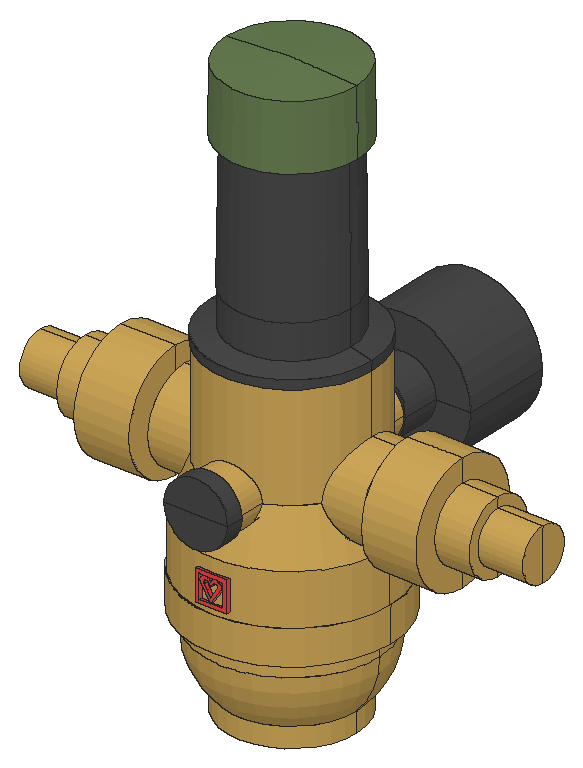
Revit family "HERZ Diaphragm Pressure Reducing Valve With Brass Cap 2682", category Rohrzubehör, Revit 2021
Family settings
  Bemaßung runder Anschluss = Durchmesser verwenden
  Teiletyp = Unterbricht
  OmniClass-Nummer = 23.65.55.14
  OmniClass-Titel = Valves for Liquid Services
  Arbeitsebenenbasiert = Nein
  Immer vertikal = Ja
  Beim Laden mit Abzugskörper schneiden = Nein
  Gemeinsam genutzt = Nein
Parameters (values of type "Manometer back")
  Vorgabe-Ansicht = 0.000 mm
  Part number [instance] = size_lookup("2682_M_", "Artnr", 0, Nennweite)  # 1268221
  Note = "Pursuant to Article 33 of the REACH Regulation (EC No. 1907/2006), we are obliged to point out that the material lead is listed on the SVHC list and that all brass components manufactured in our products exceed 0.1% (w / w) lead (CAS: 7439-92-1 / EINECS: 231-100-4).\r\nSince lead is a component part of an alloy, actual exposure is not possible and therefore no additional information on safe use is necessary."
  Max. operating temperature = 70 °C  # constant formula
  Factory settings = 300000.0 Pa  # constant formula
  W01 = 91.00°  # constant formula
  Vorne [instance] = no
  VRL03 [instance] = size_lookup("2682_M_", "VRL3", 1.000 mm, Nennweite)  # 23.500 mm
  VRL02 [instance] = size_lookup("2682_M_", "VRL2", 1.000 mm, Nennweite)  # 16.000 mm
  VRL01 [instance] = size_lookup("2682_M_", "VRL1", 1.000 mm, Nennweite)  # 73.500 mm
  VRD02 [instance] = size_lookup("2682_M_", "VRD2", 1.000 mm, Nennweite)  # 17.000 mm
  VRD01 [instance] = size_lookup("2682_M_", "VRD1", 1.000 mm, Nennweite)  # 10.500 mm
  VRAG [instance] = Nennweite / 2  # 7.500 mm
  URL = "www.herzvalves.com"
  Standard = "EN 1567"  # constant formula
  Spring = "spring steel"  # constant formula
  SC_NennweiteBerechnet = 0
  SC_Dimension = ""
  SCTWSEQ = "AW;SBT_TYP_AW=\"111\";2"
  SCTWCODE = "04;24;02"  # constant formula
  S02 = 10.000 mm  # constant formula
  S01 [instance] = VRD02 * 2  # 34.000 mm
  R07 [instance] = R05 + 0.800 mm  # 9.300 mm
  R06 = 19.500 mm  # constant formula
  R05 [instance] = size_lookup("2682_M_", "R5", 1.000 mm, Nennweite)  # 8.500 mm
  R04 [instance] = size_lookup("2682_M_", "R4", 1.000 mm, Nennweite)  # 18.900 mm
  R03 [instance] = size_lookup("2682_M_", "R3", 1.000 mm, Nennweite)  # 19.250 mm
  R02 [instance] = size_lookup("2682_M_", "R2", 1.000 mm, Nennweite)  # 28.750 mm
  R01 [instance] = size_lookup("2682_M_", "R1", 1.000 mm, Nennweite)  # 23.250 mm
  Upper part = "PA6.6"  # constant formula
  Nennweite [instance] = 15.000 mm
  Handle = "PA 6.6, green"  # constant formula
  Diaphragm = "EPDM"  # constant formula
  Medium = "water"  # constant formula
  Max. inlet pressure = 1600000.0 Pa  # constant formula
  Manometer scale = "0 - 10 bar"  # constant formula
  Pressure gauge connectors = "1/4\" F (ISO 228-1)"
  LO01 [instance] = H02 - 2.000 mm  # 27.000 mm
  L01 [instance] = size_lookup("2682_M_", "L1", 1.000 mm, Nennweite)  # 10.600 mm
  L00 [instance] = size_lookup("2682_M_", "L", 1.000 mm, Nennweite)  # 84.000 mm
  Bottom cover = "brass CW626N"  # constant formula
  Hinten [instance] = yes
  Hersteller = "HERZ Armaturen Ges.m.b.H."  # constant formula
  H12 [instance] = size_lookup("2682_M_", "H12", 1.000 mm, Nennweite)  # 5.800 mm
  H11 [instance] = size_lookup("2682_M_", "H11", 1.000 mm, Nennweite)  # 10.000 mm
  H10 [instance] = size_lookup("2682_M_", "H10", 1.000 mm, Nennweite)  # 37.000 mm
  H09 [instance] = H01 + H04 - H05  # 84.500 mm
  H08 [instance] = size_lookup("2682_M_", "H8", 1.000 mm, Nennweite)  # 20.000 mm
  H07 [instance] = size_lookup("2682_M_", "H7", 1.000 mm, Nennweite)  # 10.000 mm
  H06 [instance] = size_lookup("2682_M_", "H6", 1.000 mm, Nennweite)  # 2.500 mm
  H05 [instance] = size_lookup("2682_M_", "H5", 1.000 mm, Nennweite)  # 4.700 mm
  H04 [instance] = size_lookup("2682_M_", "H4", 1.000 mm, Nennweite)  # 58.700 mm
  H03 [instance] = D02 + 1.000 mm  # 14.220 mm
  H02 [instance] = size_lookup("2682_M_", "H2", 1.000 mm, Nennweite)  # 29.000 mm
  H01 [instance] = size_lookup("2682_M_", "H1", 1.000 mm, Nennweite)  # 30.500 mm
  GT1 [instance] = size_lookup("2682_M_", "GT1", 1.000 mm, Nennweite)  # 12.000 mm
  GT [instance] = size_lookup("2682_M_", "GT", 1.000 mm, Nennweite)  # 13.200 mm
  Filter = "stainless steel, mesh size 0.3 mm"  # constant formula
  Spring guide = "stainless steel"  # constant formula
  Outlet pressure range = "1.5 - 6 bar"  # constant formula
  Sealing = "EPDM"  # constant formula
  D09 [instance] = size_lookup("2682_M_", "D9", 1.000 mm, Nennweite)  # 19.000 mm
  D08 [instance] = size_lookup("2682_M_", "D8", 1.000 mm, Nennweite)  # 25.800 mm
  D07 [instance] = size_lookup("2682_M_", "D7", 1.000 mm, Nennweite)  # 29.000 mm
  D06 [instance] = size_lookup("2682_M_", "D6", 1.000 mm, Nennweite)  # 16.000 mm
  D05 [instance] = size_lookup("2682_M_", "D5", 1.000 mm, Nennweite)  # 16.800 mm
  D04 [instance] = size_lookup("2682_M_", "D4", 1.000 mm, Nennweite)  # 17.300 mm
  D03 [instance] = size_lookup("2682_M_", "D3", 1.000 mm, Nennweite)  # 23.500 mm
  D02 [instance] = size_lookup("2682_M_", "D2", 1.000 mm, Nennweite)  # 13.220 mm
  D01 [instance] = size_lookup("2682_M_", "D1", 1.000 mm, Nennweite)  # 9.525 mm
  Body = "forged brass acc. to EN 12165; CW626N"  # constant formula
  B03 = 5.000 mm  # constant formula
  B02 = 26.000 mm  # constant formula
  B01 [instance] = size_lookup("2682_M_", "B1", 1.000 mm, Nennweite)  # 30.000 mm
  B00 [instance] = size_lookup("2682_M_", "B", 1.000 mm, Nennweite)  # 67.000 mm
  External thread = "acc. to ISO 7-1 and ISO228"  # constant formula
  Application = "The pressure reducing valve protects installations against over pressure (reduces input pressure to a working level).\r\nIt can also be used in heating systems to protect boiler against increased pressure.\r\nThe outlet pressure is adjustable and does not vary with changes of the inlet pressure.\r\nThe outlet pressure can be adjusted by turning the green handle.\r\nTurning the handle clockwise increases the outlet pressure.\r\nTurning above the stated values on the pressure reducer scale may damage the valve.\r\nWe recommend the max. outlet pressure of 4 bar for private house installations (product long life, costs,...).\r\nAfter each new setting of the outlet pressure, the regulated pipe has to be opened and closed."
Types (3, lengths in mm): name | Vorne | Hinten
  (no name) | no | yes
  Manometer front | yes | no
  Manometer back | no | yes
Reference planes
  plane 1 "Mitte (Vorne/hinten)": y = 0
  plane 2: z = 0
  plane 3 "Mitte (Links/rechts)": x = 0
Forms (mm)
  Revolve 1, solid, material "Messing, weicher Gelbton, geschweißt", detail levels fine
    sketch origin (0, 0, 0) x (1, 0, 0) y (0, 0, 1)
      loop
        line (-42, 0) -> (42, 0) -> (42, 9.525) -> (31.4, 9.525) -> (31.4, 13.22) -> (-31.4, 13.22) -> (-31.4, 9.525) -> (-42, 9.525) -> (-42, 0)
      axis (-42, 0) -> (42, 0)
    angle from 0 to 360
  Revolve 2, solid, material "Messing, weicher Gelbton, geschweißt", detail levels fine
    sketch origin (0, 0, 0) x (1, 0, 0) y (0, 0, 1)
      loop
        line (0, -29) -> (28.75, -29) -> (28.75, -14.22) -> (23.25, 0) -> (23.25, 30.5) -> (0, 30.5) -> (0, -29)
      axis (0, 30.5) -> (0, -29)
    angle from 0 to 360
  Revolve 3, solid, material "Acetalharz, Schwarz", detail levels fine
    sketch origin (0, 0, 0) x (1, 0, 0) y (0, 0, 1)
      loop
        line (0, 30.5) -> (0, 89.2) -> (-16, 89.2) -> (-16, 84.5) -> (-16.8, 84.5) -> (-17.3, 44.5) -> (-17.3, 34.5) -> (-23.5, 33) -> (-23.5, 30.5) -> (0, 30.5)
      axis (0, 89.2) -> (0, 30.5)
    angle from 0 to 360
  Revolve 4, solid, material "Kunststoff GRÜN", detail levels fine
    sketch origin (0, 0, 0) x (1, 0, 0) y (0, 0, 1)
      loop
        line (0, 84.5) -> (19.25, 84.5) -> (18.9, 103.392)
        arc (18.9, 103.392) -> (9.466, 104.223) -> (0, 104.5) r 161.794
        line (0, 104.5) -> (0, 84.5)
      axis (0, 104.5) -> (0, 84.5)
    angle from 0 to 360
  Revolve 5, solid, material "Messing, weicher Gelbton, geschweißt", detail levels fine
    sketch origin (0, 0, 0) x (1, 0, 0) y (0, 0, 1)
      loop
        line (0, -29) -> (0, -66) -> (19, -66) -> (19, -60.2)
        arc (19, -60.2) -> (24.034, -52.577) -> (25.8, -43.615) r 23.626
        line (25.8, -43.615) -> (25.8, -39) -> (29, -39) -> (29, -29) -> (0, -29)
      axis (0, -29) -> (0, -66)
    angle from 0 to 360
  Revolve 6, solid, material "Messing, weicher Gelbton, geschweißt", detail levels fine
    sketch origin (0, 0, 0) x (1, 0, 0) y (0, 0, 1)
      loop
        line (34, 9.525) -> (46, 9.525) -> (46, 0) -> (73.5, 0) -> (73.5, 7.5) -> (60.3, 7.5) -> (60.3, 10.5) -> (50, 10.5) -> (50, 17) -> (34, 17) -> (34, 9.525)
      loop
        line (-34, 9.525) -> (-34, 17) -> (-50, 17) -> (-50, 10.5) -> (-60.3, 10.5) -> (-60.3, 7.5) -> (-73.5, 7.5) -> (-73.5, 0) -> (-46, 0) -> (-46, 9.525) -> (-34, 9.525)
      axis (-73.5, 0) -> (73.5, 0)
    angle from 0 to 360
  Revolve 7, solid, material "Messing, weicher Gelbton, geschweißt", detail levels fine
    sketch origin (0, 0, 0) x (1, 0, 0) y (0, 1, 0)
      loop
        line (0, 30) -> (0, -30) -> (8.5, -30) -> (8.5, 30) -> (0, 30)
      axis (0, 30) -> (0, -30)
    angle from 0 to 360
  Revolve 8, solid, material "Acetalharz, Schwarz", visible <- "Vorne", detail levels fine
    sketch origin (0, 0, 0) x (1, 0, 0) y (0, 1, 0)
      loop
        line (0, -30) -> (0, -65) -> (17.5, -65) -> (17.5, -67) -> (19.5, -67) -> (19.5, -41) -> (9.3, -41) -> (9.3, -30) -> (0, -30)
      axis (0, -30) -> (0, -67)
    angle from 0 to 360
  Revolve 9, solid, material "Acetalharz, Schwarz", visible <- "Vorne", detail levels fine
    sketch origin (0, 0, 0) x (1, 0, 0) y (0, 1, 0)
      loop
        line (0, 30) -> (9.3, 30) -> (9.3, 35) -> (0, 35) -> (0, 30)
      axis (0, 35) -> (0, 30)
    angle from 0 to 360
  Revolve 10, solid, material "Acetalharz, Schwarz", visible <- "Hinten", detail levels fine
    sketch origin (0, 0, 0) x (1, 0, 0) y (0, -1, 0)
      loop
        line (0, 30) -> (9.3, 30) -> (9.3, 35) -> (0, 35) -> (0, 30)
      axis (0, 35) -> (0, 30)
    angle from 0 to 360
  Revolve 11, solid, material "Acetalharz, Weiß", visible <- "Vorne", detail levels fine
    sketch origin (0, 0, 0) x (1, 0, 0) y (0, 1, 0)
      loop
        line (0, -65) -> (0, -66.5) -> (17.5, -66.5) -> (17.5, -65) -> (0, -65)
      axis (0, -65) -> (0, -66.5)
    angle from 0 to 360
  Revolve 12, solid, material "Acetalharz, Schwarz", visible <- "Hinten", detail levels fine
    sketch origin (0, 0, 0) x (1, 0, 0) y (0, -1, 0)
      loop
        line (0, -30) -> (0, -65) -> (17.5, -65) -> (17.5, -67) -> (19.5, -67) -> (19.5, -41) -> (9.3, -41) -> (9.3, -30) -> (0, -30)
      axis (0, -30) -> (0, -67)
    angle from 0 to 360
  Revolve 13, solid, material "Acetalharz, Weiß", visible <- "Hinten", detail levels fine
    sketch origin (0, 0, 0) x (1, 0, 0) y (0, -1, 0)
      loop
        line (0, -65) -> (0, -66.5) -> (17.5, -66.5) -> (17.5, -65) -> (0, -65)
      axis (0, -65) -> (0, -66.5)
    angle from 0 to 360
Lines and regions (mm)
  model lines, detail levels coarse+medium
    curve 1: line (-42, 0, -17) -> (-42, 0, 17)
    curve 2: line (-42, 0, 17) -> (42, 0, -34)
    curve 3: line (42, 0, -34) -> (42, 0, 34)
    curve 4: line (42, 0, 34) -> (-42, 0, -17)
    curve 5: line (-42, 0, 17) -> (-52, 0, 17)
    curve 6: line (-52, 0, 17) -> (-42, 0, 0)
    curve 7: line (-42, 0, -17) -> (-52, 0, -17)
    curve 8: line (-52, 0, -17) -> (-42, 0, 0)
    curve 9: line (-42, 0, 0) -> (-73.5, 0, 0)
    curve 10: line (42, 0, 17) -> (52, 0, 17)
    curve 11: line (52, 0, 17) -> (42, 0, 0)
    curve 12: line (42, 0, -17) -> (52, 0, -17)
    curve 13: line (52, 0, -17) -> (42, 0, 0)
    curve 14: line (42, 0, 0) -> (73.5, 0, 0)
    curve 15: line (-42, -17, 0) -> (-42, 17, 0)
    curve 16: line (-42, 17, 0) -> (42, -34, 0)
    curve 17: line (42, -34, 0) -> (42, 34, 0)
    curve 18: line (42, 34, 0) -> (-42, -17, 0)
    curve 19: line (-42, 17, 0) -> (-52, 17, 0)
    curve 20: line (-52, 17, 0) -> (-42, 0, 0)
    curve 21: line (-42, -17, 0) -> (-52, -17, 0)
    curve 22: line (-52, -17, 0) -> (-42, 0, 0)
    curve 23: line (42, 0, -17) -> (42, 0, 17)
    curve 24: line (42, 0, 17) -> (52, 0, 17)
    curve 25: line (52, 0, 17) -> (42, 0, 0)
    curve 26: line (42, 17, 0) -> (52, 17, 0)
    curve 27: line (52, 17, 0) -> (42, 0, 0)
    curve 28: line (42, -17, 0) -> (52, -17, 0)
    curve 29: line (52, -17, 0) -> (42, 0, 0)
Dimensions and locks
  equal spacing: Revolve 1 sketch curve, plane 3 "Mitte (Links/rechts)", Revolve 1 sketch curve
  "L00": Revolve 1 sketch curve to Revolve 1 sketch curve
  "L01": Revolve 1 sketch curve to Revolve 1 sketch curve  (x2)
  "D01": Revolve 1 sketch curve to Revolve 1 sketch curve  (x2)
  "D02": Revolve 1 sketch curve to plane 2
  "R01": Revolve 2 sketch curve to Revolve 2 sketch curve
  "R02": Revolve 2 sketch curve to Revolve 2 sketch curve
  "H01": Revolve 2 sketch curve to plane 2
  "H02": plane 2 to Revolve 2 sketch curve
  "H03": plane 2 to Revolve 2 sketch curve
  "H01": Revolve 3 sketch curve to plane 2
  "H04": Revolve 3 sketch curve to Revolve 3 sketch curve
  "H05": Revolve 3 sketch curve to Revolve 3 sketch curve
  "H06": Revolve 3 sketch curve to Revolve 3 sketch curve
  "H07": Revolve 3 sketch curve to Revolve 3 sketch curve
  "D03": Revolve 3 sketch curve to Revolve 3 sketch curve
  "D04": Revolve 3 sketch curve to Revolve 3 sketch curve
  "D05": Revolve 3 sketch curve to Revolve 3 sketch curve
  "D06": Revolve 3 sketch curve to Revolve 3 sketch curve
  "R03": Revolve 4 sketch curve to Revolve 4 sketch curve
  "H08": Revolve 4 sketch curve to Revolve 4 sketch curve
  "R04": Revolve 4 sketch curve to plane 3 "Mitte (Links/rechts)"
  "H09": Revolve 4 sketch curve to plane 2
  "H10": Revolve 5 sketch curve to Revolve 5 sketch curve
  "H02": plane 2 to Revolve 5 sketch curve
  "D07": Revolve 5 sketch curve to Revolve 5 sketch curve
  "H11": Revolve 5 sketch curve to Revolve 5 sketch curve
  "D08": Revolve 5 sketch curve to Revolve 5 sketch curve
  "H12": Revolve 5 sketch curve to Revolve 5 sketch curve
  "D09": Revolve 5 sketch curve to Revolve 5 sketch curve
  "VRL02": Revolve 6 sketch curve to Revolve 6 sketch curve  (x2)
  "VRL01": Revolve 6 sketch curve to plane 3 "Mitte (Links/rechts)"
  "GT": Revolve 6 sketch curve to Revolve 6 sketch curve  (x2)
  "VRL03": Revolve 6 sketch curve to Revolve 6 sketch curve  (x2)
  "D01": Revolve 6 sketch curve to plane 2  (x2)
  "GT1": Revolve 6 sketch curve to Revolve 6 sketch curve  (x2)
  "VRAG": Revolve 6 sketch curve to plane 2  (x2)
  "VRD01": Revolve 6 sketch curve to plane 2  (x2)
  "VRD02": Revolve 6 sketch curve to Revolve 6 sketch curve  (x2)
  "VRL01": plane 3 "Mitte (Links/rechts)" to Revolve 6 sketch curve
  "B01": Revolve 7 sketch curve to plane 1 "Mitte (Vorne/hinten)" to Revolve 7 sketch curve
  "R05": Revolve 7 sketch curve to Revolve 7 sketch curve
  "B00": Revolve 8 sketch curve to plane 1 "Mitte (Vorne/hinten)"
  "B01": plane 1 "Mitte (Vorne/hinten)" to Revolve 8 sketch curve
  "B02": Revolve 8 sketch curve to Revolve 8 sketch curve
  "R06": Revolve 8 sketch curve to Revolve 8 sketch curve
  "R07": Revolve 8 sketch curve to Revolve 8 sketch curve
  "R02": nested 1 to plane 1 "Mitte (Vorne/hinten)"
  "LO01": plane 2 to nested 1
  "VRD02": curve 2 to plane 2 to curve 4
  "S01": curve 4 to plane 2 to curve 3
  equal spacing: curve 3, plane 3 "Mitte (Links/rechts)", curve 1
  "L00": curve 3 to curve 1
  "S02": curve 1 to curve 6
  "S02": curve 1 to curve 8
  "VRL01": plane 3 "Mitte (Links/rechts)" to curve 9
  "S02": curve 11 to curve 3
  "S02": curve 13 to curve 3
  "VRL01": curve 14 to plane 3 "Mitte (Links/rechts)"
  "VRD02": curve 10 to plane 2 to curve 12
  equal spacing: curve 15, plane 3 "Mitte (Links/rechts)", curve 17
  "L00": curve 15 to curve 17
  "VRD02": curve 18 to plane 1 "Mitte (Vorne/hinten)" to curve 16
  "S01": curve 17 to plane 1 "Mitte (Vorne/hinten)" to curve 18
  "S02": curve 20 to curve 15
  "S02": curve 22 to curve 15
  "S02": curve 17 to curve 27
  "S02": curve 17 to curve 29
  "VRD02": curve 28 to plane 1 "Mitte (Vorne/hinten)" to curve 26
  "R07": Revolve 9 sketch curve to Revolve 9 sketch curve
  "B03": Revolve 9 sketch curve to Revolve 9 sketch curve
  "B01": plane 1 "Mitte (Vorne/hinten)" to Revolve 9 sketch curve
  "R07": Revolve 10 sketch curve to Revolve 10 sketch curve
  "B03": Revolve 10 sketch curve to Revolve 10 sketch curve
  "B01": Revolve 10 sketch curve to plane 1 "Mitte (Vorne/hinten)"
  "B02": Revolve 12 sketch curve to Revolve 12 sketch curve
  "R06": Revolve 12 sketch curve to Revolve 12 sketch curve
  "R07": Revolve 12 sketch curve to Revolve 12 sketch curve
  aligned and locked: level to plane 2
Automatic sketch dimensions
  Revolve 11 sketch curve to plane 3 "Mitte (Links/rechts)" = 0.000 mm  (x2)
  plane 3 "Mitte (Links/rechts)" to Revolve 11 sketch curve = 17.500 mm
  plane 1 "Mitte (Vorne/hinten)" to Revolve 11 sketch curve = 66.500 mm
  Revolve 11 sketch curve to Revolve 11 sketch curve = 1.500 mm
  Revolve 11 sketch curve to Revolve 11 sketch curve = 1933.500 mm
  Revolve 11 sketch curve to plane 1 "Mitte (Vorne/hinten)" = 2000.000 mm
  Revolve 13 sketch curve to plane 3 "Mitte (Links/rechts)" = 0.000 mm  (x2)
  Revolve 13 sketch curve to plane 3 "Mitte (Links/rechts)" = 17.500 mm
  plane 1 "Mitte (Vorne/hinten)" to Revolve 13 sketch curve = 66.500 mm
  Revolve 13 sketch curve to Revolve 13 sketch curve = 1.500 mm
  Revolve 13 sketch curve to Revolve 13 sketch curve = 1933.500 mm
  Revolve 13 sketch curve to plane 1 "Mitte (Vorne/hinten)" = 2000.000 mm
  curve 25 to level = 0.000 mm
  curve 14 to level = 0.000 mm
  curve 6 to level = 0.000 mm
  curve 8 to level = 0.000 mm
  curve 24 to curve 10 = 0.000 mm
  plane 1 "Mitte (Vorne/hinten)" to curve 29 = 0.000 mm
  plane 1 "Mitte (Vorne/hinten)" to curve 20 = 0.000 mm
  Revolve 1 sketch curve to level = 0.000 mm  (x2)
  Revolve 1 sketch curve to Revolve 1 sketch curve = 1464.530 mm
  Revolve 1 sketch curve to Revolve 1 sketch curve = 1797.148 mm
  Revolve 2 sketch curve to plane 3 "Mitte (Links/rechts)" = 0.000 mm  (x2)
  Revolve 2 sketch curve to level = 0.000 mm
  Revolve 2 sketch curve to Revolve 2 sketch curve = 337.045 mm
  Revolve 2 sketch curve to Revolve 2 sketch curve = 2183.815 mm
  Revolve 3 sketch curve to plane 3 "Mitte (Links/rechts)" = 0.000 mm  (x2)
  Revolve 3 sketch curve to Revolve 3 sketch curve = 1.500 mm
  Revolve 3 sketch curve to level = 366.045 mm
  Revolve 3 sketch curve to Revolve 3 sketch curve = 2125.115 mm
  Revolve 4 sketch curve to plane 3 "Mitte (Links/rechts)" = 0.000 mm  (x2)
  Revolve 4 sketch curve to level = 57.294 mm
  Revolve 4 sketch curve to Revolve 4 sketch curve = 308.751 mm
  Revolve 4 sketch curve to Revolve 4 sketch curve = 2109.815 mm
  Revolve 5 sketch curve to plane 3 "Mitte (Links/rechts)" = 0.000 mm  (x2)
  plane 3 "Mitte (Links/rechts)" to Revolve 5 sketch curve = 2.174 mm
  Revolve 5 sketch curve to Revolve 5 sketch curve = 300.045 mm
  level to Revolve 5 sketch curve = 2214.315 mm
  Revolve 6 sketch curve to level = 0.000 mm  (x3)
  Revolve 6 sketch curve to Revolve 6 sketch curve = 1433.030 mm
  Revolve 6 sketch curve to Revolve 6 sketch curve = 1765.648 mm
  Revolve 7 sketch curve to plane 3 "Mitte (Links/rechts)" = 0.000 mm  (x2)
  Revolve 7 sketch curve to Revolve 7 sketch curve = 1950.000 mm  (x2)
  Revolve 8 sketch curve to plane 3 "Mitte (Links/rechts)" = 0.000 mm  (x2)
  Revolve 8 sketch curve to Revolve 8 sketch curve = 2.000 mm  (x2)
  Revolve 8 sketch curve to Revolve 8 sketch curve = 1936.000 mm
  Revolve 8 sketch curve to plane 1 "Mitte (Vorne/hinten)" = 2000.000 mm
  Revolve 9 sketch curve to plane 3 "Mitte (Links/rechts)" = 0.000 mm  (x2)
  plane 1 "Mitte (Vorne/hinten)" to Revolve 9 sketch curve = 2000.000 mm
  Revolve 9 sketch curve to Revolve 9 sketch curve = 1963.669 mm
  Revolve 10 sketch curve to plane 3 "Mitte (Links/rechts)" = 0.000 mm  (x2)
  plane 1 "Mitte (Vorne/hinten)" to Revolve 10 sketch curve = 2000.000 mm
  Revolve 10 sketch curve to Revolve 10 sketch curve = 1963.669 mm
  Revolve 12 sketch curve to plane 3 "Mitte (Links/rechts)" = 0.000 mm  (x2)
  Revolve 12 sketch curve to Revolve 12 sketch curve = 2.000 mm  (x2)
  plane 1 "Mitte (Vorne/hinten)" to Revolve 12 sketch curve = 67.000 mm
  Revolve 12 sketch curve to Revolve 12 sketch curve = 11.000 mm
  Revolve 12 sketch curve to Revolve 12 sketch curve = 1936.000 mm
  Revolve 12 sketch curve to plane 1 "Mitte (Vorne/hinten)" = 2000.000 mm
Nested families
  nested 1: "Herz-Logo-vorne" at (0, -28.75, -22.5) x (0, 1, 0) z (0, 0, 1), type "Herz-Logo-vorne", detail levels fine
Connectors
  piping at (73.5, 0, 0), diameter 15, driven by "Nennweite"
    settings: on Revolve 6, index 1, connector inside diameter 609.6 mm, connector length 0.000 mm, flow factor 0, pipe flow 0.0 L/s, pressure drop 0.0 Pa, fitting loss kfactor 0, connector angle 0.00°, fixture units 0, engagement length 0.000 mm, angle of deflection 0.00°, flow configuration 0, flow direction 2, fitting loss method 0, system type 29, joint type 0, gender type 0, connector reference index -1, connector utility 0, adjustable connector no, is connector primary yes, connector description ""
  piping at (-73.5, 0, 0), diameter 15, driven by "Nennweite"
    settings: on Revolve 6, index 2, connector inside diameter 609.6 mm, connector length 0.000 mm, flow factor 0, pipe flow 0.0 L/s, pressure drop 0.0 Pa, fitting loss kfactor 0, connector angle 0.00°, fixture units 0, engagement length 0.000 mm, angle of deflection 0.00°, flow configuration 0, flow direction 1, fitting loss method 0, system type 29, joint type 0, gender type 0, connector reference index -1, connector utility 0, adjustable connector no, is connector primary no, connector description ""
Definition of nested family "Herz-Logo-vorne"
  Parameters (values of type "Herz-Logo-vorne")
    Default Elevation = 0.000 mm
  Reference planes
    plane 1 "Mitte (Vorne/hinten)": y = 0
    plane 2: z = 0
    plane 3 "Mitte (Links/rechts)": x = 0
  Forms (mm)
    Extrusion 1, solid
      sketch origin (0.732, -0.018, 0.017) x (0, -1, 0) y (0, 0, 1)
        loop
          line (-0.018, -4.517) -> (4.482, -4.517) -> (4.482, 4.483) -> (-4.518, 4.483) -> (-4.518, -4.517) -> (-0.018, -4.517)
        loop
          line (-0.05, -3.48) -> (3.482, -3.48) -> (3.482, 3.483) -> (-3.518, 3.483) -> (-3.518, -3.48) -> (-0.05, -3.48)
        loop
          arc (-0.018, 2.383) -> (-1.543, 3.287) -> (-3.067, 2.383) r 1.738
          arc (-3.067, 2.383) -> (-3.191, 1.899) -> (-3.067, 1.415) r 1.009
          line (-3.067, 1.415) -> (-0.018, -3.281) -> (3.032, 1.415)
          arc (3.032, 1.415) -> (3.156, 1.899) -> (3.032, 2.383) r 1.009
          arc (3.032, 2.383) -> (1.507, 3.287) -> (-0.018, 2.383) r 1.738
        loop
          arc (1.885, 1.272) -> (2.005, 1.675) -> (1.885, 2.079) r 0.74
          arc (1.885, 2.079) -> (1.265, 2.416) -> (0.644, 2.079) r 0.74
          line (0.644, 2.079) -> (-0.018, 0.97) -> (-0.679, 2.079)
          arc (-0.679, 2.079) -> (-1.3, 2.416) -> (-1.921, 2.079) r 0.74
          arc (-1.921, 2.079) -> (-2.04, 1.675) -> (-1.921, 1.272) r 0.74
          line (-1.921, 1.272) -> (-0.018, -1.658) -> (1.885, 1.272)
      from 0 to 1.5
  Dimensions and locks
    aligned and locked: level to plane 2
